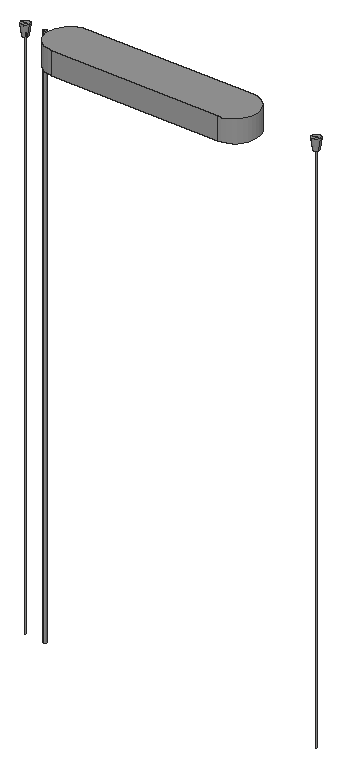
Revit family "Navicula Large", category Lighting Fixtures, host Ceiling, Revit 2017
Family settings
  Host = Ceiling
  Round Connector Dimension = Use Diameter
  Part Type = Normal
  OmniClass Number = 23.80.70.11
  OmniClass Title = Luminaries for Internal Lighting
  Always vertical = No
  Cut with Voids When Loaded = No
  Light Source = Yes
  Shared = No
  Room Calculation Point = No
Parameters (values of type "Surface mounted driver (EU)")
  Wattage Comments = "230-240V (EU)"
  Wattage = 8.07853 W
  built-in parameter 1150110 = 1 (stored number, unit not read)
  URL = "https://www.davidtrubridge.com"
  Type Comments = "Confirm with supplier for suitable installation"
  built-in parameter 1114217 = 1 (stored number, unit not read)
  built-in parameter 1150109 = 1 (stored number, unit not read)
  built-in parameter 1150134 = (empty or 0)
  Suspension Top [instance] = 1000 mm
  Suspension Cable Finish = Stainless Steel, Brushed
  built-in parameter 1150113 = 1 (stored number, unit not read)
  Model = "Navicula Large"
  Manufacturer = "David Trubridge"
  Lumens = 1200 lm
  built-in parameter 1150115 = 1 (stored number, unit not read)
  built-in parameter 1150105 = 381.97 (stored number, unit not read)
  Suspension LED [instance] = Suspension Top + 125 mm  # 1125 mm
  Light Source Symbol Size = 100 mm
  built-in parameter 1150137 = (empty or 0)
  built-in parameter 1150139 = (empty or 0)
  Lamp Wattage = 0 W
  built-in parameter 1150112 = 1 (stored number, unit not read)
  built-in parameter 1150114 = 1 (stored number, unit not read)
  Lamp = "Linear LED"
  built-in parameter 1150132 = 2
  built-in parameter 1150102 = (empty or 0)
  built-in parameter 1150138 = (empty or 0)
  built-in parameter 1150107 = 2700 (stored number, unit not read)
  built-in parameter 1150106 = 3.8197 (stored number, unit not read)
  Emit from Line Length = 1600 mm
  built-in parameter 1150104 = 13.8 (stored number, unit not read)
  Dimming Lamp Color Temperature Shift = <None>
  Description = "Pendant in bamboo plywood with LED light source. Can be made in a large range of colours"
  Cordset Finish = Plastic, Opaque White
  Color Filter = 16777215
  Canopy location = 40 mm
  built-in parameter 1114218 = 1 (stored number, unit not read)
  built-in parameter 1150133 = 10 (stored number, unit not read)
  Apparent Load = 0 VA
Types (2, lengths in mm): name | Wattage Comments | Type Comments | Canopy location
  Surface mounted driver (EU) | "230-240V (EU)" | "Confirm with supplier for suitable installation" | 40
  Remote Driver (EU/US) | "110V(US) / 230-240V(EU)." | "Remote driver location shown as example only" | 200
Reference planes
  plane 1 "Light Source Axis (F/B)": y = 0
  plane 2: z = 0
  plane 3 "Light Source Axis (L/R)": x = 0
  plane 4 "Ceiling": z = 4000
  plane 5 "Light Source Elevation": z = 2875
  plane 6 "Top of pendant": z = 3030
  plane 7 "Outer edge": x = -980
  plane 8 "Outer Edge": x = 980
  plane 9 "Bottom of Pendant": z = 2583.853
  plane 10: y = 460
  plane 11: y = -460
  plane 12 "Connection": z = 3005
  plane 13: z = 4000
  plane 14: x = 213.491
  plane 15: x = -273.393
  plane 16 "Canopy west": x = -241.904
  plane 17 "Canopy east": x = 138.096
  plane 18 "Canopy north": y = 40
  plane 19 "Canopy south": y = -40
  plane 20: through (-287.495, 213.66, 1200) normal (-0.9816, -0.1908, 0)
  plane 21: through (85.523, 286.168, 1200) normal (-0.9816, -0.1908, 0)
  plane 22: through (-357.335, -52.311, 1200) normal (-0.1908, 0.9816, 0)
  plane 23: through (-342.071, -130.841, 1200) normal (-0.1908, 0.9816, 0)
  plane 24 "Canopy height": z = 4000
  plane 25 "Canopy base": z = 3960
Forms (mm)
  Revolve 1, solid, material "Plastic, Opaque White" <- "Cordset Finish"
    sketch origin (245.894, 0, 6175) x (-1, 0, 0) y (0, 0, -1)
      loop
        line (0, 2195) -> (0, 2175) -> (7.5, 2175) -> (5, 2195) -> (0, 2195)
      axis (0, 2175) -> (0, 2195)
    angle from 0 to 360
  Extrusion 2, solid, material "Stainless Steel, Brushed" <- "Suspension Cable Finish"
    sketch origin (245.894, 0, 3200) x (0, 1, 0) y (-1, 0, 0)
      loop
        circle (0, 0) r 1
    from -195 to 800
  Extrusion 3, solid, material "Plastic, Opaque White" <- "Cordset Finish"
    sketch origin (-246.905, 0, 3200) x (0, 1, 0) y (-1, 0, 0)
      loop
        circle (0, 0) r 3
    from -195 to 800
  Extrusion 4, solid, material "Plastic, Opaque White" <- "Cordset Finish"
    sketch origin (0, 0, 3960) x (0, 1, 0) y (-1, 0, 0)
      loop
        line (-40, 201.904) -> (-40, -98.096)
        arc (-40, -98.096) -> (0, -138.096) -> (40, -98.096) r 40
        line (40, -98.096) -> (40, 201.904)
        arc (40, 201.904) -> (0, 241.904) -> (-40, 201.904) r 40
    from 0 to 40
  Extrusion 5, solid, material "Plastic, Opaque White" <- "Cordset Finish", not visible
    sketch origin (4.871, -22.654, 4180) x (-0.190809, 0.981627, 0) y (-0.981627, -0.190809, 0)
      loop
        line (-40, 201.904) -> (-40, -98.096)
        arc (-40, -98.096) -> (0, -138.096) -> (40, -98.096) r 40
        line (40, -98.096) -> (40, 201.904)
        arc (40, 201.904) -> (0, 241.904) -> (-40, 201.904) r 40
    from 0 to 40
  Revolve 6, solid, material "Plastic, Opaque White" <- "Cordset Finish"
    sketch origin (-282.79, 0.041, 6175) x (-1, 0, 0) y (0, 0, -1)
      loop
        line (0, 2195) -> (0, 2175) -> (7.5, 2175) -> (5, 2195) -> (0, 2195)
      axis (0, 2175) -> (0, 2195)
    angle from 0 to 360
  Extrusion 7, solid, material "Stainless Steel, Brushed" <- "Suspension Cable Finish"
    sketch origin (-282.79, 0.041, 3200) x (0, 1, 0) y (-1, 0, 0)
      loop
        circle (0, 0) r 1
    from -195 to 800
Lines and regions (mm)
  model lines
    curve 1: line (225, 0, 4000) -> (-345, 0, 4000)
    curve 2: line (-201.904, 40, 3960) -> (98.096, 40, 3960)
    curve 3: arc (-201.904, -40, 3960) -> (-241.904, 0, 3960) -> (-201.904, 40, 3960) r 40
  model lines, not visible
    curve 4: line (-200.956, -21.914, 4180) -> (93.532, 35.329, 4180)
    curve 5: arc (-185.691, -100.444, 4180) -> (-232.589, -68.812, 4180) -> (-200.956, -21.914, 4180) r 40
Dimensions and locks
  equal spacing: host sketch curve, plane 3 "Light Source Axis (L/R)", host sketch curve
  equal spacing: host sketch curve, plane 1 "Light Source Axis (F/B)", host sketch curve
  host sketch curve to host sketch curve = 4000 mm  (x2)
  host ceiling to plane 4 "Ceiling" = 0 mm
  plane 4 "Ceiling" to level = 4000 mm
  "Suspension LED": plane 5 "Light Source Elevation" to plane 4 "Ceiling"
  plane 5 "Light Source Elevation" to plane 6 "Top of pendant" = 155 mm
  plane 8 "Outer Edge" to plane 7 "Outer edge" = 1960 mm
  plane 7 "Outer edge" to plane 8 "Outer Edge" = 1960 mm
  locked: plane 9 "Bottom of Pendant" to plane 6 "Top of pendant" at 446.147
  plane 3 "Light Source Axis (L/R)" to plane 8 "Outer Edge" = 980 mm
  plane 7 "Outer edge" to plane 3 "Light Source Axis (L/R)" = 980 mm
  plane 1 "Light Source Axis (F/B)" to plane 10 = 460 mm
  plane 11 to plane 1 "Light Source Axis (F/B)" = 460 mm
  plane 11 to plane 10 = 920 mm
  imposter light to imposter light = 1600 mm
  locked: plane 12 "Connection" to plane 6 "Top of pendant" at 25
  plane 14 to plane 15 = 486.883 mm
  plane 16 "Canopy west" to plane 17 "Canopy east" = 380 mm
  plane 18 "Canopy north" to plane 19 "Canopy south" = 80 mm
  plane 20 to plane 21 = 380 mm
  plane 22 to plane 23 = 80 mm
  locked: plane 16 "Canopy west" to plane 17 "Canopy east" at 380
  "Canopy location": plane 25 "Canopy base" to plane 24 "Canopy height"
  locked: plane 25 "Canopy base" to plane 4 "Ceiling" at 40
  aligned and locked: plane 5 "Light Source Elevation" to imposter light
  aligned and locked: level to plane 2
  aligned and locked: plane 12 "Connection" to Extrusion 2
  aligned and locked: Extrusion 2 to plane 4 "Ceiling"
  aligned and locked: Extrusion 3 to plane 24 "Canopy height"
  aligned and locked: plane 24 "Canopy height" to Extrusion 4
  aligned and locked: Extrusion 7 to plane 4 "Ceiling"
  aligned and locked: plane 6 "Top of pendant" to import instance
  aligned and locked: plane 12 "Connection" to Extrusion 7
  aligned and locked: plane 12 "Connection" to Extrusion 3
Automatic sketch dimensions
  Revolve 1 sketch curve to plane 4 "Ceiling" = 0 mm
  plane 14 to Revolve 1 sketch curve = 32.403 mm  (x2)
  plane 14 to Revolve 1 sketch curve = 27.403 mm
  plane 14 to Revolve 1 sketch curve = 24.903 mm
  plane 4 "Ceiling" to Revolve 1 sketch curve = 20 mm
  Revolve 1 sketch curve to Revolve 1 sketch curve = 2479.8 mm
  Revolve 1 sketch curve to plane 6 "Top of pendant" = 40 mm
  Revolve 6 sketch curve to plane 4 "Ceiling" = 0 mm
  Revolve 6 sketch curve to plane 15 = 9.398 mm  (x2)
  Revolve 6 sketch curve to Revolve 6 sketch curve = 5 mm
  Revolve 6 sketch curve to Revolve 6 sketch curve = 7.5 mm
  plane 4 "Ceiling" to Revolve 6 sketch curve = 20 mm
  Revolve 6 sketch curve to Revolve 6 sketch curve = 2479.8 mm
  Revolve 6 sketch curve to plane 6 "Top of pendant" = 40 mm
  Extrusion 4 sketch curve to plane 19 "Canopy south" = 0 mm
  Extrusion 4 sketch curve to plane 18 "Canopy north" = 0 mm
  Extrusion 4 sketch curve to plane 17 "Canopy east" = 40 mm
  plane 16 "Canopy west" to Extrusion 4 sketch curve = 40 mm
  curve 3 to plane 19 "Canopy south" = 0 mm
  curve 2 to plane 18 "Canopy north" = 0 mm
  plane 16 "Canopy west" to curve 3 = 40 mm
  curve 2 to plane 17 "Canopy east" = 40 mm
  Extrusion 5 sketch curve to plane 23 = 0 mm
  Extrusion 5 sketch curve to plane 22 = 0 mm
  Extrusion 5 sketch curve to plane 21 = 40 mm
  plane 20 to Extrusion 5 sketch curve = 40 mm
  curve 5 to plane 23 = 0 mm
  curve 4 to plane 22 = 0 mm
  plane 20 to curve 5 = 40 mm
  curve 4 to plane 21 = 40 mm
  curve 1 to plane 4 "Ceiling" = 0 mm
  curve 1 to plane 15 = 71.607 mm
  plane 14 to curve 1 = 11.509 mm
  plane 1 "Light Source Axis (F/B)" to Extrusion 2 sketch curve = 0 mm
  plane 14 to Extrusion 2 sketch curve = 32.403 mm
  plane 1 "Light Source Axis (F/B)" to Extrusion 3 sketch curve = 0 mm
  plane 16 "Canopy west" to Extrusion 3 sketch curve = 5.001 mm
  Extrusion 7 sketch curve to plane 1 "Light Source Axis (F/B)" = 0.041 mm
  Extrusion 7 sketch curve to plane 15 = 9.398 mm
  radius of Extrusion 2 sketch curve = 1 mm
  radius of Extrusion 3 sketch curve = 3 mm
  radius of Extrusion 7 sketch curve = 1 mm
Connectors
  electrical at (0, 0.108, 4000)
    settings: index 1, voltage 0 V, apparent load 0 VA, apparent load phase1 0 VA, apparent load phase2 0 VA, apparent load phase3 0 VA, power factor 1, load classification "Other", number of poles 1, system type 30, power factor state 0, is connector primary yes, connector utility no, sub classification motor no, connector description ""
